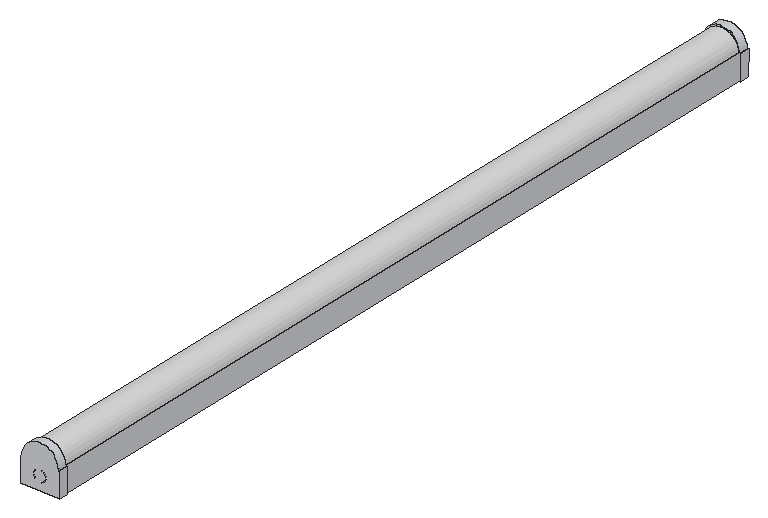
Revit family "0048935", category Lighting Fixtures, host Face, Revit 2017
Family settings
  Host = Face
  Round Connector Dimension = Use Diameter
  Part Type = Normal
  OmniClass Number = 23.80.70.00
  OmniClass Title = Lighting
  Cut with Voids When Loaded = No
  Light Source = Yes
  Shared = No
  Room Calculation Point = No
Parameters (values of type "0048935 WAYLINE 1500 MW 8400LM 840")
  Weight = "7.76 kg"
  Wattage Comments = ""
  Wattage = 61 W
  WarrantyStartDate [instance] = "n/a"
  WarrantyGuarantorParts = "n/a"
  WarrantyDurationUnit = "n/a"
  WarrantyDurationParts = "n/a"
  WarrantyDescription = "n/a"
  WIDTH/2_SYL = 35 mm
  built-in parameter 1150110 = 1 (stored number, unit not read)
  Voltage = 0 V
  URL = "http://www.sylvania-lighting.com"
  TypeName = "Wayline 1500 MW 8400lm 840"
  Type Image = <None>
  Type Comments = "n/a"
  built-in parameter 1114217 = 1 (stored number, unit not read)
  Tilt Angle = -90.00°
  built-in parameter 1150109 = 1 (stored number, unit not read)
  built-in parameter 1150134 = 12
  built-in parameter 1150113 = 1 (stored number, unit not read)
  SerialNumber [instance] = "n/a"
  R_HEIGHT_SYL = 44 mm
  Photometric Web File = "0048935.ies"
  Material_3_SYL = none
  PowerFactor = 0.9
  PowerConsumption = "61 W"
  NominalLength = 1523 mm
  NominalHeight = 76.5 mm
  NominalDepth = 70 mm
  Name = "Wayline 1500 MW 8400lm 840"
  ModelReference = Name  # "Wayline 1500 MW 8400lm 840"
  ModelNumber = "48935"
  Model = Name  # "Wayline 1500 MW 8400lm 840"
  Material = "steel housing, pc polycarbonate diffuser"
  ManufacturerName = "Feilo Sylvania"
  Manufacturer = "Feilo Sylvania"
  LuminousEfficacy = "138 lm/W"
  built-in parameter 1150105 = -18329689.9 (stored number, unit not read)
  Lumens = 8418 lm
  LuminaireType = ""
  built-in parameter 1150115 = 1 (stored number, unit not read)
  LightOutputRatio = "n/a"
  built-in parameter 1150137 = (empty or 0)
  built-in parameter 1150139 = (empty or 0)
  LampsType = Lamp  # "LED"
  LampNominalLuminous = "8400 lm"
  LampMacAdamStep = "5"
  LampColourTemperature = "4000 K"
  LampColourRenderingIndex = "80"
  built-in parameter 1150112 = 1 (stored number, unit not read)
  built-in parameter 1150114 = 1 (stored number, unit not read)
  Lamp = "LED"
  LUM_R_SYL = 30 mm
  Keynote = "16500"
  InstallationDate [instance] = "n/a"
  InputVoltage = "n/a"
  InputNominalFrequency = "n/a"
  built-in parameter 1150132 = (empty or 0)
  built-in parameter 1150102 = (empty or 0)
  built-in parameter 1150107 = 4000 (stored number, unit not read)
  built-in parameter 1150138 = (empty or 0)
  IngressProtection = "IP20"
  ImpactProtectionIndex = "IK08"
  built-in parameter 1150106 = -183296.9 (stored number, unit not read)
  IfcExportType = "IfcLightFixtureType"
  IfcExportAs = "IfcLightFixtureType"
  HOLE_HEIGHT_SYL = 24 mm
  HEIGHT_SYL = 76.5 mm
  GAP_SYL = 2.5 mm
  Emit from Circle Diameter = 609.6 mm
  Emit Shape Visible in Rendering = no
  ElectricShockClassification = "Class I"
  built-in parameter 1150104 = 12.821 (stored number, unit not read)
  DocumentationLiterature = "http://www.sylvania-lighting.com/product/en-int/products/0048935"
  DimmingControlOptions = "n/a"
  Material_2_SYL = none
  Dimming Lamp Color Temperature Shift = <None>
  Description = "LED batten, T8 replacement, ease of installation through 2 part push-in design of the housing (safety cable included), through wiring capability, steel housing, 8400lm, 61W, 138lm/W, 4000K, CRI80, 3 step MacAdam ellipse, symmetric wide beam angle, Class I, 90000 hrs L80B20 lifespan, non-dimmable driver, MW sensor for 360° detection up to 8m range at 6m mounting height, IK08, IP20, 1523 x 70 x 76.5mm (LxWxD) dimensions, 1.94kg weight."
  Default Elevation = 1219.2 mm
  CreatedOn = "5/25/2021"
  CreatedBy = "@sylvania-lighting.com"
  Cost = 0
  Color Filter = 16777215
  built-in parameter 1114216 [instance] = (empty or 0)
  ClassificationValue = "EF_70_80"
  ClassificationName = "Uniclass2015"
  Material_1_SYL = Dynamo
  BarCode [instance] = "n/a"
  built-in parameter 1114218 = 1 (stored number, unit not read)
  built-in parameter 1150133 = 10 (stored number, unit not read)
  AssetType = "Fixed"
  AssetIdentifier [instance] = "n/a"
  Assembly Code = "D5020200"
  Apparent Load = 61 VA
  Material_4_SYL = none
Types (8, lengths in mm): name | Weight | Wattage | TypeName | Photometric Web File | PowerFactor | PowerConsumption | Name | ModelReference | ModelNumber | Model | LuminousEfficacy | built-in parameter 1150105 | Lumens | LampNominalLuminous | built-in parameter 1150106 | built-in parameter 1150104 | DocumentationLiterature | Description | Apparent Load
  0048954 WAYLINE 1500 MWCOR 5200LM 840 | "8.28 kg" | 38 W | "Wayline 1500 MWCOR 5200lm 840" | "0048954.ies" | 0.9 | "38 W" | "Wayline 1500 MWCOR 5200lm 840" | "Wayline 1500 MWCOR 5200lm 840" | "48954" | "Wayline 1500 MWCOR 5200lm 840" | "137 lm/W" | -7017375.6 (stored number, unit not read) | 5206 lm | "5200 lm" | -70173.8 (stored number, unit not read) | 12.728 (stored number, unit not read) | "http://www.sylvania-lighting.com/product/en-int/products/0048954" | "LED batten, T8 replacement, ease of installation through 2 part push-in design of the housing (safety cable included), through wiring capability, steel housing, 5200lm, 38W, 137lm/W, 4000K, CRI80, 3 step MacAdam ellipse, symmetric wide beam angle, Class I, 90000 hrs L80B20 lifespan, non-dimmable driver, corridor function with microwave presence sensor, IK08, IP20, 1523 x 70 x 76.5mm  (L x W x H) dimensions, 2.07kg." | 38 VA
  0048935 WAYLINE 1500 MW 8400LM 840 | "7.76 kg" | 61 W | "Wayline 1500 MW 8400lm 840" | "0048935.ies" | 0.9 | "61 W" | "Wayline 1500 MW 8400lm 840" | "Wayline 1500 MW 8400lm 840" | "48935" | "Wayline 1500 MW 8400lm 840" | "138 lm/W" | -18329689.9 (stored number, unit not read) | 8418 lm | "8400 lm" | -183296.9 (stored number, unit not read) | 12.821 (stored number, unit not read) | "http://www.sylvania-lighting.com/product/en-int/products/0048935" | "LED batten, T8 replacement, ease of installation through 2 part push-in design of the housing (safety cable included), through wiring capability, steel housing, 8400lm, 61W, 138lm/W, 4000K, CRI80, 3 step MacAdam ellipse, symmetric wide beam angle, Class I, 90000 hrs L80B20 lifespan, non-dimmable driver, MW sensor for 360° detection up to 8m range at 6m mounting height, IK08, IP20, 1523 x 70 x 76.5mm (LxWxD) dimensions, 1.94kg weight." | 61 VA
  0048934 WAYLINE 1500 MW 5200LM 840 | "7.16 kg" | 37 W | "Wayline 1500 MW 5200lm 840" | "0048934.ies" | 0.9 | "37 W" | "Wayline 1500 MW 5200lm 840" | "Wayline 1500 MW 5200lm 840" | "48934" | "Wayline 1500 MW 5200lm 840" | "141 lm/W" | -7032203 (stored number, unit not read) | 5217 lm | "5200 lm" | -70322 (stored number, unit not read) | 13.099 (stored number, unit not read) | "http://www.sylvania-lighting.com/product/en-int/products/0048934" | "LED batten, T8 replacement, ease of installation through 2 part push-in design of the housing (safety cable included), through wiring capability, steel housing, 5200lm, 37W, 141lm/W, 4000K, CRI80, 3 step MacAdam ellipse, symmetric wide beam angle, Class I, 90000 hrs L80B20 lifespan, non-dimmable driver, MW sensor for 360° detection up to 8m range at 6m mounting height, IK08, IP20, 1523 x 70 x 76.5mm (LxWxD) dimensions, 1.79kg weight." | 37 VA
  0048931 WAYLINE 1500 8400LM 840 EM | "9.16 kg" | 64 W | "Wayline 1500 8400lm 840 EM" | "0048931.ies" | 1 | "64 W" | "Wayline 1500 8400lm 840 EM" | "Wayline 1500 8400lm 840 EM" | "48931" | "Wayline 1500 8400lm 840 EM" | "131 lm/W" | -18255657 (stored number, unit not read) | 8384 lm | "8400 lm" | -182556.6 (stored number, unit not read) | 12.17 (stored number, unit not read) | "http://www.sylvania-lighting.com/product/en-int/products/0048931" | "LED batten, T8 replacement, ease of installation through 2 part push-in design of the housing (safety cable included), through wiring capability, steel housing, 8400lm, 64W, 131lm/W, 4000K, CRI80, 3 step MacAdam ellipse, symmetric wide beam angle, Class I, 90000 hrs L80B20 lifespan, non-dimmable driver, 3-hour maintained emergency batteries, IK08, IP20, 1523 x 70 x 76.5mm  (L x W x H) dimensions, 2.29kg." | 64 VA
  0048930 WAYLINE 1500 5200LM 840 EM | "8.56 kg" | 41 W | "Wayline 1500 5200lm 840 EM" | "0048930.ies" | 1 | "41 W" | "Wayline 1500 5200lm 840 EM" | "Wayline 1500 5200lm 840 EM" | "48930" | "Wayline 1500 5200lm 840 EM" | "127 lm/W" | -7018723.6 (stored number, unit not read) | 5207 lm | "5200 lm" | -70187.2 (stored number, unit not read) | 11.799 (stored number, unit not read) | "http://www.sylvania-lighting.com/product/en-int/products/0048930" | "LED batten, T8 replacement, ease of installation through 2 part push-in design of the housing (safety cable included), through wiring capability, steel housing, 5200lm, 41W, 127lm/W, 4000K, CRI80, 3 step MacAdam ellipse, symmetric wide beam angle, Class I, 90000 hrs L80B20 lifespan, non-dimmable driver, 3-hour maintained emergency batteries, IK08, IP20, 1523 x 70 x 76.5mm  (L x W x H) dimensions, 2.14kg." | 41 VA
  0048927 WAYLINE 1500 DALI 8300LM 840 | "8.0 kg" | 60 W | "Wayline 1500 DALI 8300lm 840" | "0048927.ies" | 0.9 | "60 W" | "Wayline 1500 DALI 8300lm 840" | "Wayline 1500 DALI 8300lm 840" | "48927" | "Wayline 1500 DALI 8300lm 840" | "138 lm/W" | -17814585.6 (stored number, unit not read) | 8280 lm | "8300 lm" | -178145.9 (stored number, unit not read) | 12.821 (stored number, unit not read) | "http://www.sylvania-lighting.com/product/en-int/products/0048927" | "LED batten, T8 replacement, ease of installation through 2 part push-in design of the housing (safety cable included), through wiring capability, steel housing, 8300lm, 60W, 138lm/W, 4000K, CRI80, 3 step MacAdam ellipse, symmetric wide beam angle, Class I, 90000 hrs L80B20 lifespan, DALI dimmable driver, IK08, IP20, 1523 x 70 x 76.5mm (LxWxD) dimensions, 2kg weight." | 60 VA
  0048926 WAYLINE 1500 DALI 5200LM 840 | "8.0 kg" | 37 W | "Wayline 1500 DALI 5200lm 840" | "0048926.ies" | 0.9 | "37 W" | "Wayline 1500 DALI 5200lm 840" | "Wayline 1500 DALI 5200lm 840" | "48926" | "Wayline 1500 DALI 5200lm 840" | "141 lm/W" | -7032203 (stored number, unit not read) | 5217 lm | "5200 lm" | -70322 (stored number, unit not read) | 13.099 (stored number, unit not read) | "http://www.sylvania-lighting.com/product/en-int/products/0048926" | "LED batten, T8 replacement, ease of installation through 2 part push-in design of the housing (safety cable included), through wiring capability, steel housing, 5200lm, 37W, 141lm/W, 4000K, CRI80, 3 step MacAdam ellipse, symmetric wide beam angle, Class I, 90000 hrs L80B20 lifespan, DALI dimmable driver, IK08, IP20, 1523 x 70 x 76.5mm (LxWxD) dimensions, 2kg weight." | 37 VA
  0048955 WAYLINE 1500 MWCOR 8300LM 840 | "8.28 kg" | 61 W | "Wayline 1500 MWCOR 8300lm 840" | "0048955.ies" | 0.9 | "61 W" | "Wayline 1500 MWCOR 8300lm 840" | "Wayline 1500 MWCOR 8300lm 840" | "48955" | "Wayline 1500 MWCOR 8300lm 840" | "136 lm/W" | -17849009.9 (stored number, unit not read) | 8296 lm | "8300 lm" | -178490.1 (stored number, unit not read) | 12.635 (stored number, unit not read) | "http://www.sylvania-lighting.com/product/en-int/products/0048955" | "LED batten, T8 replacement, ease of installation through 2 part push-in design of the housing (safety cable included), through wiring capability, steel housing, 8300lm, 61W, 136lm/W, 4000K, CRI80, 3 step MacAdam ellipse, symmetric wide beam angle, Class I, 90000 hrs L80B20 lifespan, non-dimmable driver, corridor function with microwave presence sensor, IK08, IP20, 1523 x 70 x 76.5mm  (L x W x H) dimensions, 2.07kg." | 61 VA
Reference planes
  plane 1 "Center (Front/Back)": y = 0
  plane 2: z = 0
  plane 3 "Center (Left/Right)": x = 0
  plane 4: z = 76.5
  plane 5: x = -35
  plane 6: x = 35
  plane 7: z = 44
  plane 8: x = -32.5
  plane 9: x = 32.5
  plane 10: z = 24
  plane 11: x = 2.5
  plane 12: x = -2.5
  plane 13: z = 26.5
  plane 14: z = 21.5
  plane 15: z = 74
Forms (mm)
  Extrusion 1, solid
    sketch origin (0, 0, 0) x (1, 0, 0) y (0, 0, 1)
      loop
        arc (32.5, 44) -> (0, 76.5) -> (-32.5, 44) r 32.5
        line (-32.5, 44) -> (-35, 44) -> (-35, 0) -> (35, 0) -> (35, 44) -> (32.5, 44)
      loop
        line (2.5, 34.712) -> (2.5, 33.682)
        arc (2.5, 33.682) -> (7.071, 31.071) -> (9.682, 26.5) r 10
        line (9.682, 26.5) -> (10.712, 26.5)
        arc (10.712, 26.5) -> (7.778, 31.778) -> (2.5, 34.712) r 11
      loop
        line (-2.5, 33.682) -> (-2.5, 34.712)
        arc (-2.5, 34.712) -> (-7.778, 31.778) -> (-10.712, 26.5) r 11
        line (-10.712, 26.5) -> (-9.682, 26.5)
        arc (-9.682, 26.5) -> (-7.071, 31.071) -> (-2.5, 33.682) r 10
      loop
        line (-9.682, 21.5) -> (-10.712, 21.5)
        arc (-10.712, 21.5) -> (-7.778, 16.222) -> (-2.5, 13.288) r 11
        line (-2.5, 13.288) -> (-2.5, 14.318)
        arc (-2.5, 14.318) -> (-7.071, 16.929) -> (-9.682, 21.5) r 10
      loop
        line (2.5, 14.318) -> (2.5, 13.288)
        arc (2.5, 13.288) -> (7.778, 16.222) -> (10.712, 21.5) r 11
        line (10.712, 21.5) -> (9.682, 21.5)
        arc (9.682, 21.5) -> (7.071, 16.929) -> (2.5, 14.318) r 10
    from 745.5 to 761.5
  Extrusion 2, solid, material "Dynamo" <- "Material_1_SYL"
    sketch origin (0, 0, 0) x (1, 0, 0) y (0, 0, 1)
      loop
        line (-30, 44) -> (30, 44)
        arc (30, 44) -> (0, 74) -> (-30, 44) r 30
    from -745.5 to 745.5
  Extrusion 3, solid
    sketch origin (0, 0, 0) x (1, 0, 0) y (0, 0, 1)
      loop
        line (-32.5, 44) -> (-32.5, 0) -> (32.5, 0) -> (32.5, 44) -> (-32.5, 44)
    from -745.5 to 745.5
  Extrusion 4, solid
    sketch origin (0, 0, 0) x (1, 0, 0) y (0, 0, -1)
      loop
        line (32.5, -44) -> (35, -44) -> (35, 0) -> (-35, 0) -> (-35, -44) -> (-32.5, -44)
        arc (-32.5, -44) -> (0, -76.5) -> (32.5, -44) r 32.5
      loop
        arc (2.5, -34.712) -> (7.778, -31.778) -> (10.712, -26.5) r 11
        line (10.712, -26.5) -> (9.682, -26.5)
        arc (9.682, -26.5) -> (7.071, -31.071) -> (2.5, -33.682) r 10
        line (2.5, -33.682) -> (2.5, -34.712)
      loop
        arc (-2.5, -33.682) -> (-7.071, -31.071) -> (-9.682, -26.5) r 10
        line (-9.682, -26.5) -> (-10.712, -26.5)
        arc (-10.712, -26.5) -> (-7.778, -31.778) -> (-2.5, -34.712) r 11
        line (-2.5, -34.712) -> (-2.5, -33.682)
      loop
        arc (-9.682, -21.5) -> (-7.071, -16.929) -> (-2.5, -14.318) r 10
        line (-2.5, -14.318) -> (-2.5, -13.288)
        arc (-2.5, -13.288) -> (-7.778, -16.222) -> (-10.712, -21.5) r 11
        line (-10.712, -21.5) -> (-9.682, -21.5)
      loop
        arc (2.5, -14.318) -> (7.071, -16.929) -> (9.682, -21.5) r 10
        line (9.682, -21.5) -> (10.712, -21.5)
        arc (10.712, -21.5) -> (7.778, -16.222) -> (2.5, -13.288) r 11
        line (2.5, -13.288) -> (2.5, -14.318)
    from 745.5 to 761.5
Dimensions and locks
  "HEIGHT_SYL": plane 4 to host face
  "WIDTH/2_SYL": plane 6 to plane 3 "Center (Left/Right)" to plane 5
  "R_HEIGHT_SYL": plane 7 to host face
  "GAP_SYL": plane 8 to plane 5
  "GAP_SYL": plane 6 to plane 9
  "HOLE_HEIGHT_SYL": plane 10 to host face
  "GAP_SYL": plane 13 to plane 10 to plane 14
  "GAP_SYL": plane 11 to plane 3 "Center (Left/Right)" to plane 12
  "LUM_R_SYL": plane 15 to plane 7
  aligned and locked: plane 2 to host face
  aligned and locked: level to host face
Automatic sketch dimensions
  host sketch curve to host sketch curve = 2438.4 mm  (x2)
  Extrusion 1 sketch curve to Extrusion 1 sketch curve = 0 mm  (x58)
  Extrusion 1 sketch curve to level = 0 mm
  Extrusion 1 sketch curve to plane 5 = 0 mm
  Extrusion 1 sketch curve to plane 7 = 0 mm
  Extrusion 1 sketch curve to plane 8 = 0 mm
  Extrusion 1 sketch curve to plane 13 = 0 mm  (x2)
  Extrusion 1 sketch curve to plane 14 = 0 mm  (x2)
  Extrusion 1 sketch curve to plane 12 = 0 mm  (x2)
  Extrusion 1 sketch curve to plane 3 "Center (Left/Right)" = 0 mm  (x2)
  Extrusion 1 sketch curve to plane 11 = 0 mm  (x2)
  Extrusion 1 sketch curve to plane 6 = 0 mm
  Extrusion 1 sketch curve to plane 10 = 0 mm
  Extrusion 1 sketch curve to plane 12 = 8.212 mm
  Extrusion 1 sketch curve to Extrusion 1 sketch curve = 1.03 mm  (x4)
  plane 11 to Extrusion 1 sketch curve = 7.182 mm
  Extrusion 2 sketch curve to plane 7 = 0 mm
  Extrusion 2 sketch curve to plane 3 "Center (Left/Right)" = 0 mm
  plane 8 to Extrusion 2 sketch curve = 2.5 mm
  Extrusion 3 sketch curve to level = 0 mm
  Extrusion 3 sketch curve to plane 8 = 0 mm
  Extrusion 3 sketch curve to plane 9 = 0 mm
  Extrusion 3 sketch curve to plane 7 = 0 mm
  Extrusion 4 sketch curve to Extrusion 4 sketch curve = 0 mm  (x58)
  Extrusion 4 sketch curve to level = 0 mm
  Extrusion 4 sketch curve to plane 5 = 0 mm
  Extrusion 4 sketch curve to plane 7 = 0 mm
  Extrusion 4 sketch curve to plane 8 = 0 mm
  Extrusion 4 sketch curve to plane 13 = 0 mm  (x2)
  Extrusion 4 sketch curve to plane 14 = 0 mm  (x2)
  Extrusion 4 sketch curve to plane 12 = 0 mm  (x2)
  Extrusion 4 sketch curve to plane 3 "Center (Left/Right)" = 0 mm  (x2)
  Extrusion 4 sketch curve to plane 11 = 0 mm  (x2)
  Extrusion 4 sketch curve to plane 6 = 0 mm
  Extrusion 4 sketch curve to plane 10 = 0 mm
  Extrusion 4 sketch curve to plane 12 = 8.212 mm
  Extrusion 4 sketch curve to Extrusion 4 sketch curve = 1.03 mm  (x4)
  plane 11 to Extrusion 4 sketch curve = 7.182 mm
Connectors
  electrical at (0, -761.5, 29.333)
    settings: on Extrusion 1, index 1, voltage 0 V, apparent load 0 VA, apparent load phase1 0 VA, apparent load phase2 0 VA, apparent load phase3 0 VA, power factor 1, load classification "Other", number of poles 1, system type 31, power factor state 1, is connector primary yes, connector utility no, sub classification motor no, connector description ""
